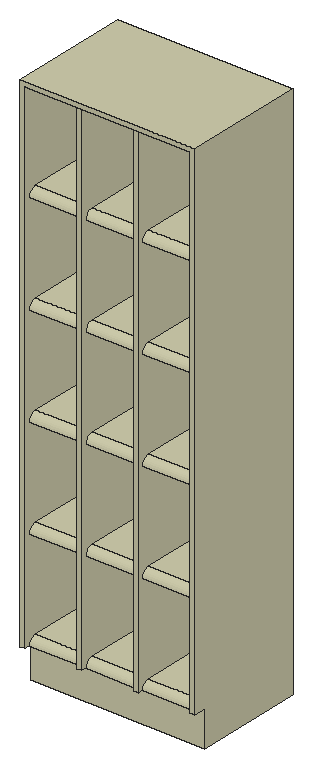
Revit family "Wenger Cabinet 01", category Furniture, Revit 2011
Parameters (values of type "Standard Cabinet #1")
  URL = "http://www.wengercorp.com/Home/Contact.html"
  Keynote = ""
  Cabinet Label = Labels : Standard
  Toekick Material [instance] = none
  RH End Panel [instance] = no
  Model = "01"
  Manufacturer = "Wenger Corporation"
  LH End Panel [instance] = no
  End Panel Material [instance] = none
  Edge Banding Material [instance] = none
  Door Material [instance] = none
  Description = "Standard Cabinet #1"
  Cabinet Width = 2' - 3 1/2"
  Cabinet Height = 7' - 1 5/8"
  Cabinet Depth = 1' - 7 1/4"
  Cabinet Back Thickness = 0' - 0 3/4"
  Assembly Code = ""
Types (4): name | Keynote | Cabinet Label | Model | Description | Cabinet Width | Cabinet Depth | Cabinet Back Thickness
  Standard Cabinet #1 | "" | Labels : Standard | "01" | "Standard Cabinet #1" | 2' - 3 1/2" | 1' - 7 1/4" | 0' - 0 3/4"
  Narrow Cabinet #1 | "" | Labels : Narrow | "01N" | "Narrow Cabinet #1" | 1' - 9 1/2" | 1' - 7 1/4" | 0' - 0 3/4"
  Acoustic Cabinet #1 | "Wenger Cabinets" | Labels : Acoustic | "01A" | "Acoustic Cabinet #1" | 2' - 3 1/2" | 1' - 9 3/4" | 0' - 3 1/4"
  Narrow Acoustic Cabinet #1 | "" | Labels : Narrow Acoustic | "01NA" | "Narrow Acoustic Cabinet #1" | 1' - 9 1/2" | 1' - 9 3/4" | 0' - 3 1/4"
Reference planes (in)
  plane 1 "Front": y = 0
  plane 2: z = 0
  plane 3 "Left": x = 0
  plane 4 "Right": x = 27.5
  plane 5 "Back": y = 19.25
  plane 6 "Top": z = 85.625
  plane 7: z = 5.625
  plane 8: z = 21.475
  plane 9: z = 37.325
  plane 10: z = 53.175
  plane 11: z = 69.025
  plane 12: x = 0.75
  plane 13: x = 26.75
  plane 14: z = 84.875
  plane 15: x = 8.91667
  plane 16: x = 9.66667
  plane 17: x = 17.83333
  plane 18: x = 18.58333
  plane 19: y = 18.5
  plane 20: y = 2
  plane 21: y = 0.75
  plane 22: z = 22.6
  plane 23: z = 38.45
  plane 24: z = 54.3
  plane 25: z = 70.15
  plane 26: z = 6.75
Forms (in)
  Extrusion 1, solid, material "Wenger - Oyster"
    sketch origin (0, 0, 0) x (0, 1, 0) y (0, 0, 1)
      loop
        line (0, 85.625) -> (0, 5.625) -> (2, 5.625) -> (2, 0) -> (19.25, 0) -> (19.25, 85.625) -> (0, 85.625)
    from 0 to 27.5
  Extrusion 2, void
    sketch origin (0, 0, 0) x (0, 1, 0) y (0, 0, 1)
      loop
        line (-5.5, 84.875) -> (-5.5, 5.625) -> (0.75, 5.625)
        arc (0.75, 5.625) -> (1.18296, 6.40088) -> (2, 6.75) r 1.375
        line (2, 6.75) -> (18.5, 6.75) -> (18.5, 21.475) -> (0.75, 21.475)
        arc (0.75, 21.475) -> (1.18296, 22.25088) -> (2, 22.6) r 1.375
        line (2, 22.6) -> (18.5, 22.6) -> (18.5, 37.325) -> (0.75, 37.325)
        arc (0.75, 37.325) -> (1.18296, 38.10088) -> (2, 38.45) r 1.375
        line (2, 38.45) -> (18.5, 38.45) -> (18.5, 53.175) -> (0.75, 53.175)
        arc (0.75, 53.175) -> (1.18296, 53.95088) -> (2, 54.3) r 1.375
        line (2, 54.3) -> (18.5, 54.3) -> (18.5, 69.025) -> (0.75, 69.025)
        arc (0.75, 69.025) -> (1.18296, 69.80088) -> (2, 70.15) r 1.375
        line (2, 70.15) -> (18.5, 70.15) -> (18.5, 84.875) -> (-5.5, 84.875)
    from 0.75 to 8.91667
  Extrusion 3, void
    sketch origin (0, 0, 0) x (0, 1, 0) y (0, 0, 1)
      loop
        line (-5.5, 84.875) -> (-5.5, 5.625) -> (0.75, 5.625)
        arc (0.75, 5.625) -> (1.18296, 6.40088) -> (2, 6.75) r 1.375
        line (2, 6.75) -> (18.5, 6.75) -> (18.5, 21.475) -> (0.75, 21.475)
        arc (0.75, 21.475) -> (1.18296, 22.25088) -> (2, 22.6) r 1.375
        line (2, 22.6) -> (18.5, 22.6) -> (18.5, 37.325) -> (0.75, 37.325)
        arc (0.75, 37.325) -> (1.18296, 38.10088) -> (2, 38.45) r 1.375
        line (2, 38.45) -> (18.5, 38.45) -> (18.5, 53.175) -> (0.75, 53.175)
        arc (0.75, 53.175) -> (1.18296, 53.95088) -> (2, 54.3) r 1.375
        line (2, 54.3) -> (18.5, 54.3) -> (18.5, 69.025) -> (0.75, 69.025)
        arc (0.75, 69.025) -> (1.18296, 69.80088) -> (2, 70.15) r 1.375
        line (2, 70.15) -> (18.5, 70.15) -> (18.5, 84.875) -> (-5.5, 84.875)
    from 9.66667 to 17.83333
  Extrusion 4, void
    sketch origin (0, 0, 0) x (0, 1, 0) y (0, 0, 1)
      loop
        line (-5.5, 84.875) -> (-5.5, 5.625) -> (0.75, 5.625)
        arc (0.75, 5.625) -> (1.18296, 6.40088) -> (2, 6.75) r 1.375
        line (2, 6.75) -> (18.5, 6.75) -> (18.5, 21.475) -> (0.75, 21.475)
        arc (0.75, 21.475) -> (1.18296, 22.25088) -> (2, 22.6) r 1.375
        line (2, 22.6) -> (18.5, 22.6) -> (18.5, 37.325) -> (0.75, 37.325)
        arc (0.75, 37.325) -> (1.18296, 38.10088) -> (2, 38.45) r 1.375
        line (2, 38.45) -> (18.5, 38.45) -> (18.5, 53.175) -> (0.75, 53.175)
        arc (0.75, 53.175) -> (1.18296, 53.95088) -> (2, 54.3) r 1.375
        line (2, 54.3) -> (18.5, 54.3) -> (18.5, 69.025) -> (0.75, 69.025)
        arc (0.75, 69.025) -> (1.18296, 69.80088) -> (2, 70.15) r 1.375
        line (2, 70.15) -> (18.5, 70.15) -> (18.5, 84.875) -> (-5.5, 84.875)
    from 18.58333 to 26.75
  Extrusion 5, void
    sketch origin (0, 0, 0) x (0, 1, 0) y (0, 0, 1)
      loop
        line (0, 84.875) -> (0, 5.625) -> (0.0625, 5.625) -> (0.0625, 84.875) -> (0, 84.875)
    from 0.75 to 26.75
Cuts and joins
  Extrusion 2, Extrusion 3, Extrusion 4, Extrusion 5 cuts Extrusion 1
Lines and regions (in)
  symbolic lines
    curve 1: line (0, 19.25, 0) -> (27.5, 19.25, 0)
    curve 2: line (0, 0, 0) -> (0, 19.25, 0)
    curve 3: line (27.5, 0, 0) -> (0, 0, 0)
    curve 4: line (27.5, 19.25, 0) -> (27.5, 0, 0)
Dimensions and locks (in)
  locked: plane 3 "Left" to plane 12 at 0.75
  locked: plane 15 to plane 16 at 0.75
  locked: plane 17 to plane 18 at 0.75
  locked: plane 13 to plane 4 "Right" at 0.75
  "Cabinet Back Thickness": plane 5 "Back" to plane 19
  locked: plane 1 "Front" to plane 21 at 0.75
  locked: plane 1 "Front" to plane 20 at 2
  locked: plane 22 to plane 8 at 1.125
  locked: plane 23 to plane 9 at 1.125
  locked: plane 24 to plane 10 at 1.125
  locked: plane 25 to plane 11 at 1.125
  locked: plane 6 "Top" to plane 14 at 0.75
  equal spacing: plane 14, plane 11, plane 10, plane 9, plane 8, plane 7
  locked: plane 26 to plane 7 at 1.125
  equal spacing: plane 13, plane 17, plane 15, plane 3 "Left"
  "Cabinet Width": plane 3 "Left" to plane 4 "Right"
  locked: plane 7 to level at 5.625
  "Cabinet Height": plane 6 "Top" to level
  "Cabinet Depth": plane 1 "Front" to plane 5 "Back"
  plane 12 to plane 13 = 2' - 2"
  plane 14 to plane 7 = 6' - 7 1/4"
  aligned and locked: Extrusion 1 sketch curve to plane 6 "Top"
  aligned and locked: Extrusion 1 sketch curve to plane 5 "Back"
  aligned and locked: Extrusion 1 sketch curve to plane 1 "Front"
  aligned and locked: Extrusion 1 sketch curve to plane 7
  aligned and locked: Extrusion 1 sketch curve to plane 20
  aligned and locked: Extrusion 1 sketch curve to level
  aligned and locked: Extrusion 1 to plane 4 "Right"
  aligned and locked: Extrusion 1 to plane 3 "Left"
  aligned and locked: Extrusion 2 sketch curve to plane 14
  aligned and locked: Extrusion 2 sketch curve to plane 19
  aligned and locked: Extrusion 2 sketch curve to plane 11
  aligned and locked: Extrusion 2 sketch curve to plane 24
  aligned and locked: Extrusion 2 sketch curve to plane 10
  aligned and locked: Extrusion 2 sketch curve to plane 23
  aligned and locked: Extrusion 2 sketch curve to plane 9
  aligned and locked: Extrusion 2 sketch curve to plane 22
  aligned and locked: Extrusion 2 sketch curve to plane 8
  aligned and locked: Extrusion 2 sketch curve to plane 26
  aligned and locked: Extrusion 2 sketch curve to plane 25
  aligned and locked: Extrusion 2 to plane 12
  aligned and locked: plane 15 to Extrusion 2
  aligned and locked: plane 17 to Extrusion 3
  aligned and locked: Extrusion 3 to plane 16
  aligned and locked: Extrusion 4 to plane 13
  aligned and locked: Extrusion 4 to plane 18
  aligned and locked: Extrusion 5 sketch curve to cut or joined group of Extrusion 1, Extrusion 2, Extrusion 3, Extrusion 4, Extrusion 5  (x3)
  aligned and locked: Extrusion 5 to plane 13
  aligned and locked: Extrusion 5 to plane 12
  aligned and locked: plane 3 "Left" to curve 2
  aligned and locked: curve 1 to plane 5 "Back"
  aligned and locked: plane 4 "Right" to curve 4
  aligned and locked: curve 3 to plane 1 "Front"
Automatic sketch dimensions
  Extrusion 2 sketch curve to plane 7 = 0' - 0"
  Extrusion 2 sketch curve to plane 21 = 0' - 0"  (x5)
  Extrusion 2 sketch curve to plane 20 = 0' - 0"  (x5)
  Extrusion 2 sketch curve to plane 19 = 0' - 0"  (x4)
  plane 1 "Front" to Extrusion 2 sketch curve = 0' - 5 1/2"
  Extrusion 2 sketch curve to plane 20 = 0' - 0.10279"  (x5)
  Extrusion 3 sketch curve to plane 14 = 0' - 0"
  Extrusion 3 sketch curve to plane 7 = 0' - 0"
  Extrusion 3 sketch curve to plane 21 = 0' - 0"  (x5)
  Extrusion 3 sketch curve to plane 11 = 0' - 0"
  Extrusion 3 sketch curve to plane 8 = 0' - 0"
  Extrusion 3 sketch curve to plane 10 = 0' - 0"
  Extrusion 3 sketch curve to plane 9 = 0' - 0"
  Extrusion 3 sketch curve to plane 20 = 0' - 0"  (x5)
  Extrusion 3 sketch curve to plane 19 = 0' - 0"  (x5)
  Extrusion 3 sketch curve to plane 26 = 0' - 0"
  Extrusion 3 sketch curve to plane 22 = 0' - 0"
  Extrusion 3 sketch curve to plane 23 = 0' - 0"
  Extrusion 3 sketch curve to plane 24 = 0' - 0"
  Extrusion 3 sketch curve to plane 25 = 0' - 0"
  plane 1 "Front" to Extrusion 3 sketch curve = 0' - 5 1/2"
  Extrusion 3 sketch curve to plane 20 = 0' - 0.10279"  (x5)
  Extrusion 4 sketch curve to plane 14 = 0' - 0"
  Extrusion 4 sketch curve to plane 7 = 0' - 0"
  Extrusion 4 sketch curve to plane 21 = 0' - 0"  (x5)
  Extrusion 4 sketch curve to plane 11 = 0' - 0"
  Extrusion 4 sketch curve to plane 8 = 0' - 0"
  Extrusion 4 sketch curve to plane 10 = 0' - 0"
  Extrusion 4 sketch curve to plane 9 = 0' - 0"
  Extrusion 4 sketch curve to plane 20 = 0' - 0"  (x5)
  Extrusion 4 sketch curve to plane 19 = 0' - 0"  (x5)
  Extrusion 4 sketch curve to plane 26 = 0' - 0"
  Extrusion 4 sketch curve to plane 22 = 0' - 0"
  Extrusion 4 sketch curve to plane 23 = 0' - 0"
  Extrusion 4 sketch curve to plane 24 = 0' - 0"
  Extrusion 4 sketch curve to plane 25 = 0' - 0"
  plane 1 "Front" to Extrusion 4 sketch curve = 0' - 5 1/2"
  Extrusion 4 sketch curve to plane 20 = 0' - 0.10279"  (x5)
  plane 21 to Extrusion 5 sketch curve = 0' - 0 11/16"
Nested families (in)
  nested 1: "LH End Panel" at (0, 4.25, 0) x (0, -1, 0) z (0, 0, 1), End Panel Material <- "End Panel Material", visible <- "LH End Panel", Edge Banding Material <- "Edge Banding Material", type "20x84 LH"
    with End Panel Material none, Edge Banding Material none
  nested 2: "RH End Panel" at (28.25, 4.25, 0) x (0, -1, 0) z (0, 0, 1), End Panel Material <- "End Panel Material", visible <- "RH End Panel", Edge Banding Material <- "Edge Banding Material", type "20x84 RH"
    with End Panel Material none, Edge Banding Material none
  nested 3: "Labels" at (11.01894, 8.85547, 0), type <- "Cabinet Label", type "Standard"
  nested 4: "Front Note" at (12.06588, 0.75, 0), type "Front Note", detail levels medium+fine
Definition of nested family "LH End Panel"
  Parameters (values of type "20x84 LH")
    End Panel Material [instance] = none
    End Panel Height = 7' - 1 5/8"
    End Panel Depth = 1' - 7 1/4"
    Edge Banding Material [instance] = none
    Default Elevation = 4' - 0"
    Assembly Code = ""
  Reference planes (in)
    plane 1 "Center (Front/Back)": y = 0
    plane 2: z = 0
    plane 3 "Center (Left/Right)": x = 0
    plane 4: x = -15
    plane 5: x = 4.25
    plane 6: z = 5.625
    plane 7: x = 2.25
    plane 8: z = 85.625
    plane 9: y = -0.75
  Forms (in)
    Extrusion 1, solid, material <- "End Panel Material"
      sketch origin (0, 0, 0) x (1, 0, 0) y (0, 0, 1)
        loop
          line (-15, 85.625) -> (-15, 0) -> (2.25, 0) -> (2.25, 5.625) -> (4.25, 5.625) -> (4.25, 85.625) -> (-15, 85.625)
      from 0 to 0.75
  Dimensions and locks (in)
    locked: plane 7 to plane 5 at 2
    locked: plane 6 to level at 5.625
    "End Panel Height": plane 8 to level
    "End Panel Depth": plane 5 to plane 4
    locked: plane 9 to plane 1 "Center (Front/Back)" at 0.75
    aligned and locked: plane 4 to Extrusion 1 sketch curve
    aligned and locked: level to Extrusion 1 sketch curve
    aligned and locked: plane 7 to Extrusion 1 sketch curve
    aligned and locked: plane 6 to Extrusion 1 sketch curve
    aligned and locked: Extrusion 1 sketch curve to plane 5
    aligned and locked: Extrusion 1 sketch curve to plane 8
    aligned and locked: Extrusion 1 to plane 9
    aligned and locked: Extrusion 1 to plane 1 "Center (Front/Back)"
Definition of nested family "RH End Panel"
  Parameters (values of type "20x84 RH")
    End Panel Material [instance] = none
    End Panel Height = 7' - 1 5/8"
    End Panel Depth = 1' - 7 1/4"
    Edge Banding Material [instance] = none
    Default Elevation = 4' - 0"
    Assembly Code = ""
  Reference planes (in)
    plane 1 "Center (Front/Back)": y = 0
    plane 2: z = 0
    plane 3 "Center (Left/Right)": x = 0
    plane 4: x = -15
    plane 5: x = 4.25
    plane 6: z = 5.625
    plane 7: x = 2.25
    plane 8: z = 85.625
    plane 9: y = -0.75
  Forms (in)
    Extrusion 1, solid, material <- "End Panel Material"
      sketch origin (0, 0, 0) x (1, 0, 0) y (0, 0, 1)
        loop
          line (-15, 85.625) -> (-15, 0) -> (2.25, 0) -> (2.25, 5.625) -> (4.25, 5.625) -> (4.25, 85.625) -> (-15, 85.625)
      from 0 to 0.75
  Dimensions and locks (in)
    locked: plane 7 to plane 5 at 2
    locked: plane 6 to level at 5.625
    "End Panel Height": plane 8 to level
    "End Panel Depth": plane 5 to plane 4
    locked: plane 9 to plane 1 "Center (Front/Back)" at 0.75
    aligned and locked: plane 4 to Extrusion 1 sketch curve
    aligned and locked: level to Extrusion 1 sketch curve
    aligned and locked: plane 7 to Extrusion 1 sketch curve
    aligned and locked: plane 6 to Extrusion 1 sketch curve
    aligned and locked: Extrusion 1 sketch curve to plane 5
    aligned and locked: Extrusion 1 sketch curve to plane 8
    aligned and locked: Extrusion 1 to plane 9
    aligned and locked: Extrusion 1 to plane 1 "Center (Front/Back)"
Definition of nested family "Labels"
  Parameters (values of type "Standard")
    Cabinet Label = "01"
  Types (4): name | Cabinet Label
    Standard | "01"
    Narrow | "01N"
    Narrow Acoustic | "01NA"
    Acoustic | "01A"
  Reference planes (in)
    plane 1: y = 0
    plane 2: x = 0
  Text (in)
    label "xxxx" at (-0.00018, 0.00754, 0), shows "Cabinet Label"
Definition of nested family "Front Note"
  Parameters (values of type "Front Note")
    Cabinet Label = "Front"
  Reference planes (in)
    plane 1: y = 0
    plane 2: x = 0
  Text (in)
    label "Front" at (-0.00018, 0.00754, 0), shows "Cabinet Label"
